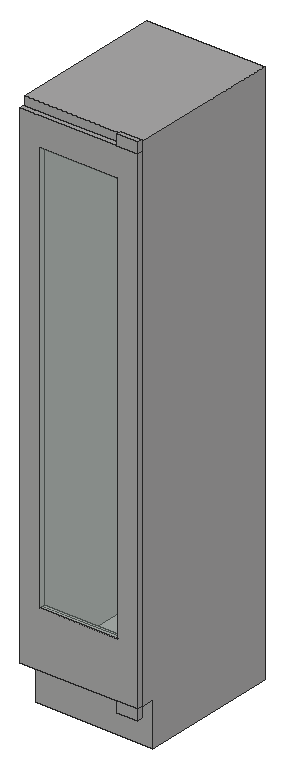
Revit family "RW414765", category Generic Models, Revit 2014
Parameters (values of type "RW414765")
  Width = 451 mm
  URL = "http://www.gaggenau.com."
  Model = "RW414765"
  Manufacturer = "Gaggenau"
  Height = 2125 mm
  Handle = Aluminium
  Glass Door = Glass, Green
  Fridge = Aluminium
  Door = Aluminium
  Description = "Gaggenau 18\" Wine storage unit"
  Depth = 608 mm
Reference planes
  plane 1 "Center (Front/Back)": y = 0
  plane 2: z = 0
  plane 3 "Center (Left/Right)": x = 0
  plane 4: z = 2125
  plane 5: x = -225.5
  plane 6: x = 225.5
  plane 7: y = 266.012
  plane 8: y = -341.988
  plane 9: z = 181
  plane 10: z = 102
  plane 11: z = 14.093
  plane 12: z = 2131
  plane 13: z = 2091
  plane 14: y = -268.988
  plane 15: y = -321.988
  plane 16: x = 165.294
  plane 17: z = 1982
  plane 18: z = 398
  plane 19: x = -150.5
  plane 20: x = 150.5
Forms (mm)
  Extrusion 1, solid, material "Aluminium" <- "Fridge"
    sketch origin (0, 0, 0) x (0, 1, 0) y (0, 0, 1)
      loop
        line (266.012, 2125) -> (-321.988, 2125) -> (-321.988, 181) -> (-268.988, 181) -> (-268.988, 14.093) -> (266.012, 14.093) -> (266.012, 2125)
    from -225.5 to 225.5
  Extrusion 2, solid, material "Aluminium" <- "Door"
    sketch origin (0, 0, 0) x (1, 0, 0) y (0, 0, 1)
      loop
        line (-225.5, 181) -> (225.5, 181) -> (225.5, 2091) -> (-225.5, 2091) -> (-225.5, 181)
      loop
        line (-150.5, 1982) -> (-150.5, 398) -> (150.5, 398) -> (150.5, 1982) -> (-150.5, 1982)
    from 321.988 to 341.988
  Extrusion 3, solid, material "Aluminium" <- "Door"
    sketch origin (0, 0, -0.35) x (1, 0, 0) y (0, 0, 1)
      loop
        line (225.5, 2131.35) -> (145.5, 2131.35) -> (145.5, 2091.35) -> (225.5, 2091.35) -> (225.5, 2131.35)
      loop
        line (225.5, 181.35) -> (145.5, 181.35) -> (145.5, 141.35) -> (225.5, 141.35) -> (225.5, 181.35)
    from 321.988 to 341.988
  Extrusion 4, solid, material "Aluminium" <- "Fridge"
    sketch origin (0, 0, 0) x (1, 0, 0) y (0, 1, 0)
      loop
        circle (-193.903, -159.898) r 11.868
      loop
        circle (-193.903, 159.898) r 11.868
      loop
        circle (193.903, -159.898) r 11.868
      loop
        circle (193.903, 159.898) r 11.868
    from 0 to 14.093
  Extrusion 5, void
    sketch origin (0, 0, 0) x (1, 0, 0) y (0, 0, 1)
      loop
        line (-185.5, 2091) -> (-185.5, 181) -> (185.5, 181) -> (185.5, 2091) -> (-185.5, 2091)
    from -223.899 to 321.988
  Extrusion 6, solid, material "Glass, Green" <- "Glass Door"
    sketch origin (0, -341.988, 0) x (1, 0, 0) y (0, 0, 1)
      loop
        line (150.5, 1982) -> (-150.5, 1982) -> (-150.5, 398) -> (150.5, 398) -> (150.5, 1982)
    from 0 to -9.796
Cuts and joins
  Extrusion 5 cuts Extrusion 1
Dimensions and locks
  "Width": plane 5 to plane 6
  plane 7 to plane 8 = 608 mm  (x2)
  plane 4 to plane 2 = 2125 mm
  plane 9 to plane 2 = 181 mm
  plane 10 to plane 2 = 102 mm
  plane 12 to plane 13 = 40 mm
  plane 14 to plane 8 = 73 mm
  plane 6 to plane 16 = 60.206 mm
  equal spacing: plane 5, plane 3 "Center (Left/Right)", plane 6
  plane 12 to plane 10 = 2029 mm
  plane 12 to plane 17 = 149 mm
  plane 18 to Extrusion 3 = 257 mm
  locked: plane 19 to plane 5 at 75
  locked: plane 20 to plane 6 at 75
  aligned and locked: level to plane 2
  aligned and locked: plane 5 to Extrusion 1
  aligned and locked: plane 6 to Extrusion 1
  aligned and locked: Extrusion 2 to plane 8
  aligned and locked: Extrusion 2 to Extrusion 1
  aligned and locked: Extrusion 3 to plane 8
  aligned and locked: Extrusion 3 to Extrusion 1
  aligned and locked: plane 13 to Extrusion 2 sketch curve
  aligned and locked: plane 6 to Extrusion 2 sketch curve
  aligned and locked: plane 5 to Extrusion 2 sketch curve
  aligned and locked: Extrusion 5 to Extrusion 1
  aligned and locked: Extrusion 6 sketch curve to plane 19
  aligned and locked: plane 20 to Extrusion 6 sketch curve
  aligned and locked: Extrusion 2 sketch curve to plane 19
  aligned and locked: plane 20 to Extrusion 2 sketch curve
Automatic sketch dimensions
  Extrusion 1 sketch curve to plane 4 = 0 mm
  Extrusion 1 sketch curve to plane 15 = 0 mm
  Extrusion 1 sketch curve to plane 9 = 0 mm
  Extrusion 1 sketch curve to plane 14 = 0 mm
  Extrusion 1 sketch curve to plane 7 = 0 mm
  Extrusion 1 sketch curve to plane 11 = 0 mm
  Extrusion 4 sketch curve to plane 5 = 31.597 mm  (x2)
  plane 16 to Extrusion 4 sketch curve = 28.608 mm  (x2)
  Extrusion 4 sketch curve to plane 14 = 109.089 mm  (x2)
  Extrusion 4 sketch curve to plane 7 = 106.114 mm  (x2)
  Extrusion 3 sketch curve to plane 16 = 19.794 mm  (x2)
  Extrusion 3 sketch curve to plane 12 = 0 mm
  Extrusion 3 sketch curve to plane 6 = 0 mm  (x2)
  Extrusion 3 sketch curve to plane 9 = 0 mm
  Extrusion 3 sketch curve to plane 13 = 0 mm
  Extrusion 3 sketch curve to plane 9 = 40 mm
  Extrusion 2 sketch curve to plane 17 = 0 mm
  Extrusion 2 sketch curve to plane 9 = 0 mm
  Extrusion 2 sketch curve to plane 18 = 0 mm
  Extrusion 5 sketch curve to plane 9 = 0 mm
  Extrusion 5 sketch curve to plane 13 = 0 mm
  Extrusion 5 sketch curve to plane 19 = 35 mm
  plane 16 to Extrusion 5 sketch curve = 20.206 mm
  Extrusion 6 sketch curve to Extrusion 2 = 0 mm  (x2)
  radius of Extrusion 4 sketch curve = 11.868 mm  (x4)
